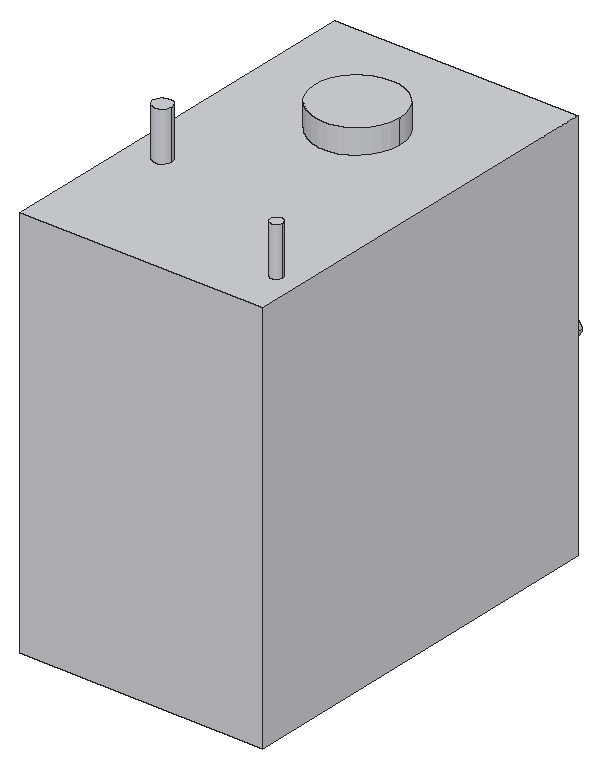
Revit family "69cc006e8de74196b8615c8a82fccfc1", category Mechanical Equipment, Revit 2021
Family settings
  Round Connector Dimension = Use Radius
  Part Type = Normal
  OmniClass Number = 23.75.10.11.14.11
  OmniClass Title = Cast-Iron Boilers
  Seek Item ID = Gas Fired Boiler - Cast Iron - Modular-0000-USA-ENU
  Work Plane-Based = No
  Always vertical = Yes
  Cut with Voids When Loaded = No
  Shared = No
  Room Calculation Point = No
Parameters (values of type "210 MBH")
  Water Flow [instance] = 21 GPM
  Voltage = 120 V
  Vent Radius = 3 1/2"
  Vent Diameter = Vent Radius * 2  # 7"
  Water Pressure Drop [instance] = 1.30 psi
  Output Heat [instance] = 210000 Btu/h
  Number of Poles = 1
  Length 1 = 0' - 10"
  Input Heat [instance] = 252000.0 Btu/h
  Hot Water Radius = Cold Water Radius  # 3/4"
  Hot Water Diameter = Hot Water Radius * 2  # 1 1/2"
  Gas Radius = Gas Diameter / 2  # 1/2"
  Gas Flow [instance] = 0.56 GPM
  Gas Diameter = 1"
  Exhaust Air Flow [instance] = 0 CFM
  Default Elevation = 0' - 0"
  Cold Water Radius = 3/4"
  Cold Water Diameter = Cold Water Radius * 2  # 1 1/2"
  Boiler Material = none
  Boiler Length = 1' - 8"
  Apparent Load = 50 VA
Types (7): name | Water Flow | Vent Radius | Vent Diameter | Output Heat | Length 1 | Input Heat | Hot Water Radius | Hot Water Diameter | Gas Flow | Cold Water Radius | Cold Water Diameter | Boiler Length
  (no name) | 21 GPM | 3 1/2" | 7" | 210000 Btu/h | 0' - 10" | 252000.0 Btu/h | 3/4" | 1 1/2" | 0.56 GPM | 3/4" | 1 1/2" | 1' - 8"
  210 MBH | 21 GPM | 3 1/2" | 7" | 210000 Btu/h | 0' - 10" | 252000.0 Btu/h | 3/4" | 1 1/2" | 0.56 GPM | 3/4" | 1 1/2" | 1' - 8"
  262 MBH | 26 GPM | 4" | 8" | 262000 Btu/h | 0' - 11 7/8" | 315000.0 Btu/h | 3/4" | 1 1/2" | 0.7 GPM | 3/4" | 1 1/2" | 1' - 11 3/4"
  311 MBH | 31 GPM | 4 1/2" | 9" | 311000 Btu/h | 1' - 1 3/4" | 374000.0 Btu/h | 1" | 2" | 0.83 GPM | 1" | 2" | 2' - 3 1/2"
  360 MBH | 36 GPM | 4 1/2" | 9" | 360000 Btu/h | 1' - 3 5/8" | 433000.0 Btu/h | 1" | 2" | 0.96 GPM | 1" | 2" | 2' - 7 1/4"
  409 MBH | 40 GPM | 5" | 10" | 409000 Btu/h | 1' - 5 1/2" | 491000.0 Btu/h | 1" | 2" | 1.09 GPM | 1" | 2" | 2' - 11"
  459 MBH | 45 GPM | 5" | 10" | 495000 Btu/h | 1' - 7 3/8" | 550000.0 Btu/h | 1" | 2" | 1.23 GPM | 1" | 2" | 3' - 2 3/4"
Reference planes (in)
  plane 1 "Center (Front/Back)": y = 0
  plane 2: z = 0
  plane 3 "Center (Left/Right)": x = 0
  plane 4: y = 32.4375
  plane 5: x = 20
  plane 6: y = 3.9375
  plane 7: x = 18
  plane 8: y = 11.375
  plane 9: x = 2.625
  plane 10: y = 22.25
  plane 11: x = 10
  plane 12: y = 34.4375
  plane 13: x = 2
  plane 14: z = 32.5
  plane 15: z = 36.5
  plane 16: z = 34.5
  plane 17: z = 7
  plane 18: z = 15.375
  plane 19: z = 3
  plane 20: x = 3
Forms (in)
  Extrusion 1, solid, material <- "Boiler Material"
    sketch origin (0, 0, 0) x (1, 0, 0) y (0, 1, 0)
      loop
        line (0, 0) -> (20, 0) -> (20, 32.4375) -> (0, 32.4375) -> (0, 0)
    from 0 to 32.5
  Extrusion 2, solid, material <- "Boiler Material"
    sketch origin (0, 0, 0) x (1, 0, 0) y (0, 1, 0)
      loop
        circle (18, 3.9375) r 0.5
    from 32.5 to 36.5
  Extrusion 3, solid, material <- "Boiler Material"
    sketch origin (0, 0, 0) x (1, 0, 0) y (0, 1, 0)
      loop
        circle (2.625, 11.375) r 0.75
    from 32.5 to 36.5
  Extrusion 4, solid, material <- "Boiler Material"
    sketch origin (0, 0, 0) x (1, 0, 0) y (0, 1, 0)
      loop
        circle (10, 22.25) r 3.5
    from 32.5 to 34.5
  Extrusion 5, solid, material <- "Boiler Material"
    sketch origin (0, 0, 0) x (1, 0, 0) y (0, 0, 1)
      loop
        circle (2, 7) r 0.375
    from -34.4375 to -32.4375
  Extrusion 6, solid, material <- "Boiler Material"
    sketch origin (0, 0, 0) x (1, 0, 0) y (0, 0, 1)
      loop
        circle (18, 15.375) r 0.75
    from -34.4375 to -32.4375
  Extrusion 7, solid, material <- "Boiler Material", detail levels fine
    sketch origin (0, 0, 0) x (1, 0, 0) y (0, 0, 1)
      loop
        circle (18, 15.375) r 0.75
      loop
        circle (2, 7) r 0.375
    from -34.4375 to -32.4375
Cuts and joins
  joined: Extrusion 1, Extrusion 2, Extrusion 3, Extrusion 4
  joined: Extrusion 5, Extrusion 6
Lines and regions (in)
  model lines, detail levels coarse+medium
    curve 1: line (10, 22.25, 32.5) -> (10, 22.25, 34.5)
    curve 2: line (2.625, 11.375, 36.5) -> (2.625, 11.375, 32.5)
    curve 3: line (18, 3.9375, 32.5) -> (18, 3.9375, 36.5)
    curve 4: line (2, 34.4375, 7) -> (2, 32.4375, 7)
    curve 5: line (18, 34.4375, 15.375) -> (18, 32.4375, 15.375)
  symbolic lines, detail levels fine
    curve 6: line (1.625, 32.4375, 15.375) -> (1.625, 34.4375, 15.375)
    curve 7: line (2.375, 34.4375, 15.375) -> (2.375, 32.4375, 15.375)
    curve 8: line (1.625, 34.4375, 15.375) -> (2.375, 34.4375, 15.375)
    curve 9: line (17.25, 34.4375, 15.375) -> (17.25, 32.4375, 15.375)
    curve 10: line (18.75, 34.4375, 15.375) -> (18.75, 32.4375, 15.375)
    curve 11: line (17.25, 34.4375, 15.375) -> (18.75, 34.4375, 15.375)
Dimensions and locks (in)
  locked: plane 1 "Center (Front/Back)" to plane 4 at 32.4375
  "Boiler Length": plane 3 "Center (Left/Right)" to plane 5
  locked: plane 7 to plane 5 at 2
  locked: plane 6 to plane 1 "Center (Front/Back)" at 3.9375
  locked: plane 3 "Center (Left/Right)" to plane 9 at 2.625
  locked: plane 1 "Center (Front/Back)" to plane 8 at 11.375
  "Length 1": plane 11 to plane 5
  plane 1 "Center (Front/Back)" to plane 10 = 1' - 10 1/4"
  locked: plane 12 to plane 4 at 2
  locked: plane 3 "Center (Left/Right)" to plane 13 at 2
  locked: plane 14 to plane 2 at 32.5
  locked: plane 15 to plane 14 at 4
  locked: plane 16 to plane 14 at 2
  locked: plane 17 to plane 2 at 7
  locked: plane 18 to plane 2 at 15.375
  locked: plane 20 to plane 3 "Center (Left/Right)" at 3
  locked: plane 19 to plane 2 at 3
  locked: plane 3 "Center (Left/Right)" to connector elem at 3
  locked: plane 2 to connector elem at 3
  "Gas Radius": radius of Extrusion 2 sketch curve
  "Cold Water Radius": radius of Extrusion 3 sketch curve
  "Vent Radius": radius of Extrusion 4 sketch curve
  radius of Extrusion 5 sketch curve = 0' - 0 3/8"
  "Hot Water Radius": radius of Extrusion 6 sketch curve
  "Hot Water Radius": radius of Extrusion 7 sketch curve
  aligned and locked: level to plane 2
  aligned and locked: plane 3 "Center (Left/Right)" to Extrusion 1 sketch curve
  aligned and locked: plane 1 "Center (Front/Back)" to Extrusion 1 sketch curve
  aligned and locked: plane 4 to Extrusion 1 sketch curve
  aligned and locked: plane 5 to Extrusion 1 sketch curve
  aligned and locked: plane 14 to Extrusion 1
  aligned and locked: plane 6 to Extrusion 2 sketch curve
  aligned and locked: plane 7 to Extrusion 2 sketch curve
  aligned and locked: plane 8 to Extrusion 3 sketch curve
  aligned and locked: plane 9 to Extrusion 3 sketch curve
  aligned and locked: plane 15 to Extrusion 3
  aligned and locked: Extrusion 3 to plane 14
  aligned and locked: plane 15 to Extrusion 2
  aligned and locked: Extrusion 2 to plane 14
  aligned and locked: plane 10 to Extrusion 4 sketch curve
  aligned and locked: plane 11 to Extrusion 4 sketch curve
  aligned and locked: plane 16 to Extrusion 4
  aligned and locked: Extrusion 4 to plane 14
  aligned and locked: plane 17 to Extrusion 5 sketch curve
  aligned and locked: plane 13 to Extrusion 5 sketch curve
  aligned and locked: plane 18 to Extrusion 6 sketch curve
  aligned and locked: plane 7 to Extrusion 6 sketch curve
  aligned and locked: plane 12 to Extrusion 5
  aligned and locked: Extrusion 5 to plane 4
  aligned and locked: plane 12 to Extrusion 6
  aligned and locked: Extrusion 6 to plane 4
  aligned and locked: curve 1 to plane 10
  aligned and locked: plane 16 to curve 1
  aligned and locked: plane 14 to curve 1
  aligned and locked: plane 15 to curve 2
  aligned and locked: plane 14 to curve 2
  aligned and locked: curve 3 to plane 6
  aligned and locked: plane 15 to curve 3
  aligned and locked: plane 14 to curve 3
  aligned and locked: curve 4 to plane 13
  aligned and locked: plane 12 to curve 4
  aligned and locked: plane 4 to curve 4
  aligned and locked: curve 5 to plane 7
  aligned and locked: plane 4 to curve 5
  aligned and locked: curve 6 to cut or joined group of Extrusion 5, Extrusion 6  (x2)
  aligned and locked: cut or joined group of Extrusion 5, Extrusion 6 to curve 7  (x2)
  aligned and locked: curve 9 to cut or joined group of Extrusion 5, Extrusion 6  (x2)
  aligned and locked: cut or joined group of Extrusion 5, Extrusion 6 to curve 10  (x2)
  aligned and locked: plane 7 to Extrusion 7 sketch curve
  aligned and locked: plane 18 to Extrusion 7 sketch curve
  aligned and locked: plane 13 to Extrusion 7 sketch curve
  aligned and locked: plane 17 to Extrusion 7 sketch curve
  aligned and locked: plane 12 to Extrusion 7
  aligned and locked: Extrusion 7 to plane 4
Automatic sketch dimensions
  curve 2 to plane 9 = 0' - 0"
  plane 7 to curve 10 = 0' - 0 3/4"
  curve 5 to curve 11 = 0' - 0 3/4"
  curve 7 to plane 9 = 0' - 0 1/4"
  curve 8 to plane 13 = 0' - 0 3/8"
  radius of Extrusion 7 sketch curve = 0' - 0 3/8"
Connectors (in)
  piping at (18, 34.4375, 15.375), diameter 1.5, driven by "Hot Water Radius", driven by "Water Flow"
    settings: on Extrusion 6, index 1, connector inside diameter 1 1/2", connector length 0' - 0", flow factor 0, pipe flow 21 GPM, pressure drop 0.00 psi, fitting loss kfactor 0, connector angle 0.00°, fixture units 0, engagement length 0' - 0", angle of deflection 0.00°, flow configuration 0, flow direction 2, fitting loss method 0, system type 7, joint type 0, gender type 0, connector reference index 2, connector utility 0, adjustable connector no, is connector primary yes, connector description "Hot Water Out"
  piping at (2.625, 11.375, 36.5), diameter 1.5, driven by "Cold Water Radius", driven by "Water Flow"
    settings: on Extrusion 3, index 2, connector inside diameter 1 1/2", connector length 0' - 0", flow factor 0, pipe flow 21 GPM, pressure drop 0.00 psi, fitting loss kfactor 0, connector angle 0.00°, fixture units 0, engagement length 0' - 0", angle of deflection 0.00°, flow configuration 0, flow direction 1, fitting loss method 0, system type 8, joint type 0, gender type 0, connector reference index 1, connector utility 0, adjustable connector no, is connector primary no, connector description "Cold Water In"
  piping at (18, 3.9375, 36.5), diameter 1, driven by "Gas Radius", driven by "Gas Flow"
    settings: on Extrusion 2, index 3, connector inside diameter 1", connector length 0' - 0", flow factor 0, pipe flow 0.56 GPM, pressure drop 0.00 psi, fitting loss kfactor 0, connector angle 0.00°, fixture units 0, engagement length 0' - 0", angle of deflection 0.00°, flow configuration 1, flow direction 1, fitting loss method 0, system type 22, joint type 0, gender type 0, connector reference index -1, connector utility 0, adjustable connector no, is connector primary no, connector description "Gas In"
  hvac at (10, 22.25, 34.5), driven by "Vent Radius", driven by "Exhaust Air Flow"
    settings: on Extrusion 4, index 4, duct flow 0 CFM, flow factor 0, pres drop 0.00 in-wg, loss coef 0, conn angle 0.00°, conn width 12", conn height 12", conn diameter 7", duct sys type 3, conn prof type 0, flow config 1, flow direction 2, loss method 0, conn ref index -1, conn util no, is conn primary yes, conn desc ""
  piping at (2, 34.4375, 7), diameter 0.75
    settings: on Extrusion 5, index 5, connector inside diameter 3/4", connector length 0' - 0", flow factor 0, pipe flow 0 GPM, pressure drop 0.00 psi, fitting loss kfactor 0, connector angle 0.00°, fixture units 0, engagement length 0' - 0", angle of deflection 0.00°, flow configuration 1, flow direction 2, fitting loss method 0, system type 16, joint type 0, gender type 0, connector reference index -1, connector utility 0, adjustable connector yes, is connector primary no, connector description "Drain Out"
  electrical at (3, 0, 3)
    settings: index 6, voltage 0 V, apparent load 0 VA, apparent load phase1 0 VA, apparent load phase2 0 VA, apparent load phase3 0 VA, power factor 1, load classification "Other", number of poles 1, system type 13, power factor state 1, is connector primary yes, connector utility no, sub classification motor no, connector description ""
